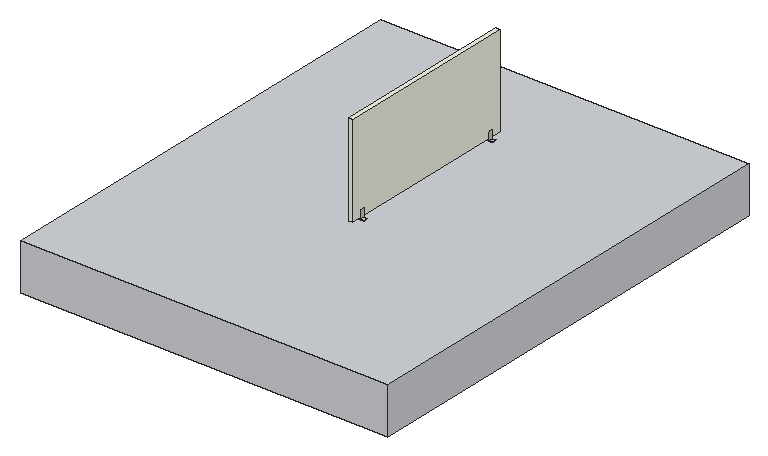
Revit family
Parameters (values of type "48" Urinal Screen")
  Wall Gap = 0' - 0 1/2"
  URL = "www.bobrick.com"
  Type Comments = "ClassicSeries Partitions and Screens with Laminated Plastic Surfaces and Edges"
  Product Page URL = ""
  Partition Material = Laminated Plastic - Bobrick - Designer White
  Panel Thickness = 0' - 1"
  Panel Height = 4' - 0"
  Panel Depth = 2' - 0"
  Model = "1540 Series"
  Manufacturer = "Bobrick Washroom Equipment, Inc."
  Description = "Wall Hung Urinal Screen"
  Default Elevation = 1' - 0"
  Bracket Spacing = 3' - 6"
  Assembly Code = "C1030210"
Types (3): name | Panel Height | Default Elevation | Bracket Spacing
  (no name) | 4' - 0" | 1' - 0" | 3' - 6"
  42" Urinal Screen | 3' - 6" | 1' - 6" | 3' - 0"
  48" Urinal Screen | 4' - 0" | 1' - 0" | 3' - 6"
Reference planes (in)
  plane 1 "Center (Front/Back)": y = 0
  plane 2: z = 0
  plane 3 "Center (Left/Right)": x = 0
  plane 4: y = 48
  plane 5: x = -0.5
  plane 6: x = 0.5
  plane 7: z = 24.5
  plane 8: z = 0.5
  plane 9: y = 3
  plane 10: y = 45
Forms (in)
  Extrusion 1, solid
    sketch origin (0, 0, 0) x (1, 0, 0) y (0, 1, 0)
      loop
        line (-48, 70) -> (-48, -48) -> (48, -48) -> (48, 70) -> (-48, 70)
    from 0 to -12
  Extrusion 2, solid, material "Laminated Plastic - Bobrick - Designer White" <- "Partition Material"
    sketch origin (0, 0, 0) x (1, 0, 0) y (0, 1, 0)
      loop
        line (0.5, 0) -> (0.5, 48) -> (-0.5, 48) -> (-0.5, 0) -> (0.5, 0)
    from 0.5 to 24.5
Lines and regions (in)
  Masking region 1
    outline origin (0, 0, 0) x (0, 1, 0) y (0, 0, 1)
      loop
        line (48, 0.5) -> (48, 24.5) -> (-14.37084, 24.5) -> (-14.37084, 0.5) -> (2.5, 0.5) -> (2.5, 0) -> (3.5, 0) -> (3.5, 0.5) -> (44.5, 0.5) -> (44.5, 0) -> (45.5, 0) -> (45.5, 0.5) -> (48, 0.5)
  Masking region 2
    outline origin (0, 0, 0) x (1, 0, 0) y (0, 0, 1)
      loop
        line (0.5, 2.25) -> (0.5, 24.5) -> (-0.5, 24.5) -> (-0.5, 2.25) -> (-0.625, 2.25) -> (-0.625, 0.125) -> (-1.5, 0.125) -> (-1.5, 0) -> (1.5, 0) -> (1.5, 0.125) -> (0.625, 0.125) -> (0.625, 2.25) -> (0.5, 2.25)
  Masking region 3
    outline origin (0, 0, 0) x (1, 0, 0) y (0, 1, 0)
      loop
        line (0.5, 48) -> (-0.5, 48) -> (-0.5, 45.5) -> (-1.5, 45.5) -> (-1.5, 44.5) -> (-0.5, 44.5) -> (-0.5, 3.5) -> (-1.5, 3.5) -> (-1.5, 2.5) -> (-0.5, 2.5) -> (-0.5, -14.37084) -> (0.5, -14.37084) -> (0.5, 2.5) -> (1.5, 2.5) -> (1.5, 3.5) -> (0.5, 3.5) -> (0.5, 44.5) -> (1.5, 44.5) -> (1.5, 45.5) -> (0.5, 45.5) -> (0.5, 48)
  symbolic lines, style "Urinal Screens"
    curve 1: line (0, 3.5, 0.5) -> (0, 3.5, 2.25)
    curve 2: line (0, 3.5, 2.25) -> (0, 2.5, 2.25)
    curve 3: line (0, 2.5, 2.25) -> (0, 2.5, 0.5)
    curve 4: line (0, 3.5, 0.125) -> (0, 2.5, 0.125)
    curve 5: line (0, 45.5, 0.5) -> (0, 45.5, 2.25)
    curve 6: line (0, 45.5, 2.25) -> (0, 44.5, 2.25)
    curve 7: line (0, 44.5, 2.25) -> (0, 44.5, 0.5)
    curve 8: line (0, 45.5, 0.125) -> (0, 44.5, 0.125)
    curve 9: line (0.5, 0, 2.25) -> (0.5, 0, 0.125)
    curve 10: line (0.5, 0, 0.125) -> (-0.5, 0, 0.125)
    curve 11: line (-0.5, 0, 0.125) -> (-0.5, 0, 2.25)
    curve 12: line (0.5, 0, 0.5) -> (-0.5, 0, 0.5)
    curve 13: line (0.625, 3.5, 0) -> (0.625, 2.5, 0)
    curve 14: line (-0.625, 3.5, 0) -> (-0.625, 2.5, 0)
    curve 15: line (-0.5, 3.5, 0) -> (-0.5, 2.5, 0)
    curve 16: line (0.5, 3.5, 0) -> (0.5, 2.5, 0)
    curve 17: line (-0.5, 45.5, 0) -> (-0.5, 44.5, 0)
    curve 18: line (-0.625, 45.5, 0) -> (-0.625, 44.5, 0)
    curve 19: line (0.5, 45.5, 0) -> (0.5, 44.5, 0)
    curve 20: line (0.625, 45.5, 0) -> (0.625, 44.5, 0)
Dimensions and locks (in)
  equal spacing: plane 5, plane 3 "Center (Left/Right)", plane 6
  "Panel Thickness": plane 5 to plane 6
  "Panel Height": plane 1 "Center (Front/Back)" to plane 4
  "Wall Gap": plane 8 to level
  "Panel Depth": plane 7 to plane 8
  locked: plane 1 "Center (Front/Back)" to plane 9 at 3
  "Bracket Spacing": plane 10 to plane 9
  aligned and locked: plane 2 to Extrusion 1
  aligned and locked: level to Extrusion 1
  aligned and locked: Extrusion 2 sketch curve to plane 1 "Center (Front/Back)"
  aligned and locked: plane 6 to Extrusion 2 sketch curve
  aligned and locked: Extrusion 2 sketch curve to plane 4
  aligned and locked: plane 5 to Extrusion 2 sketch curve
  aligned and locked: plane 7 to Extrusion 2
  aligned and locked: Extrusion 2 to plane 8
  aligned and locked: nested 1 to level
  aligned and locked: plane 3 "Center (Left/Right)" to nested 1
  aligned and locked: nested 1 to plane 9
  aligned and locked: nested 2 to level
  aligned and locked: nested 2 to plane 10
  aligned and locked: nested 1 to Masking region 1 sketch curve
  aligned and locked: Masking region 1 sketch curve to nested 1  (x2)
  aligned and locked: Masking region 1 sketch curve to nested 2  (x2)
  aligned and locked: nested 2 to Masking region 1 sketch curve
  aligned and locked: Extrusion 1 to Masking region 2 sketch curve
  aligned and locked: Masking region 2 sketch curve to nested 2  (x7)
  aligned and locked: Masking region 3 sketch curve to nested 1  (x4)
  aligned and locked: Masking region 3 sketch curve to nested 2  (x4)
Automatic sketch dimensions
  Extrusion 1 sketch curve to Extrusion 1 sketch curve = 8' - 0"
  Extrusion 1 sketch curve to Extrusion 1 sketch curve = 9' - 10"
  curve 3 to plane 8 = 0' - 0"
  curve 1 to plane 8 = 0' - 0"
  curve 7 to plane 8 = 0' - 0"
  curve 5 to plane 8 = 0' - 0"
  curve 3 to plane 9 = 0' - 0 1/2"
  level to curve 4 = 0' - 0 1/8"
  curve 4 to curve 3 = 0' - 0"
  plane 9 to curve 2 = 0' - 0 1/2"
  curve 4 to curve 1 = 0' - 0"
  level to curve 8 = 0' - 0 1/8"
  curve 8 to plane 10 = 0' - 0 1/2"
  curve 7 to curve 8 = 0' - 0"
  plane 10 to curve 5 = 0' - 0 1/2"
  curve 8 to curve 5 = 0' - 0"
  plane 8 to curve 2 = 0' - 1 3/4"
  plane 8 to curve 5 = 0' - 1 3/4"
  Masking region 1 sketch curve to plane 8 = 0' - 0"  (x3)
  level to Masking region 2 sketch curve = 0' - 0 1/8"
  curve 11 to plane 5 = 0' - 0"
  plane 6 to curve 12 = 0' - 0"
  curve 12 to plane 8 = 0' - 0"
  level to curve 11 = 0' - 0 1/8"
  plane 8 to curve 11 = 0' - 1 3/4"
  curve 9 to curve 11 = 0' - 0"
  plane 10 to Masking region 3 sketch curve = 0' - 0 1/2"
  Masking region 3 sketch curve to plane 5 = 0' - 0"  (x3)
  Masking region 3 sketch curve to plane 6 = 0' - 0"  (x3)
  Masking region 3 sketch curve to plane 10 = 0' - 0 1/2"
  plane 9 to Masking region 3 sketch curve = 0' - 0 1/2"
  Masking region 3 sketch curve to plane 9 = 0' - 0 1/2"
  curve 15 to plane 5 = 0' - 0"
  curve 17 to plane 5 = 0' - 0"
  curve 19 to plane 6 = 0' - 0"
  curve 16 to plane 6 = 0' - 0"
  curve 18 to curve 17 = 0' - 0 1/8"
  curve 14 to plane 5 = 0' - 0 1/8"
  curve 13 to plane 6 = 0' - 0 1/8"
  curve 20 to plane 6 = 0' - 0 1/8"
  curve 13 to plane 9 = 0' - 0 1/2"
  curve 15 to plane 9 = 0' - 0 1/2"
  curve 14 to curve 15 = 0' - 0"  (x2)
  curve 16 to curve 13 = 0' - 0"  (x2)
  plane 9 to curve 15 = 0' - 0 1/2"
  plane 9 to curve 16 = 0' - 0 1/2"
  curve 20 to plane 10 = 0' - 0 1/2"
  curve 17 to plane 10 = 0' - 0 1/2"
  curve 19 to curve 20 = 0' - 0"  (x2)
  curve 18 to curve 17 = 0' - 0"  (x2)
  plane 10 to curve 18 = 0' - 0 1/2"
  plane 10 to curve 20 = 0' - 0 1/2"
  Masking region 1 sketch curve to plane 7 = 0' - 0"
  Masking region 1 sketch curve to plane 4 = 0' - 0"
  plane 1 "Center (Front/Back)" to Masking region 1 sketch curve = 1' - 2.37084"
  Masking region 2 sketch curve to plane 5 = 0' - 0"
  plane 6 to Masking region 2 sketch curve = 0' - 0"
  Masking region 2 sketch curve to plane 7 = 0' - 0"
  Masking region 3 sketch curve to plane 4 = 0' - 0"
  plane 1 "Center (Front/Back)" to Masking region 3 sketch curve = 1' - 2.37084"
Nested families (in)
  nested 1: "Wall_Hung_Bracket-Bobrick" at (0, 2.5, 0), type "1 Inch Panel"
  nested 2: "Wall_Hung_Bracket-Bobrick" at (0, 44.5, 0), type "1 Inch Panel"
Definition of nested family "Wall_Hung_Bracket-Bobrick"
  Parameters (values of type "1 Inch Panel")
    Panel Thickness = 0' - 1"
  Types (3): name | Panel Thickness
    (no name) | 0' - 1"
    1 Inch Panel | 0' - 1"
    3/4 Inch Panel | 0' - 0 3/4"
  Reference planes (in)
    plane 1 "Center (Front/Back)": y = 0
    plane 2: z = 0
    plane 3 "Center (Left/Right)": x = 0
    plane 4: y = 1
    plane 5: x = 1.5
    plane 6: x = -1.5
    plane 7: x = -0.5
    plane 8: x = 0.5
    plane 9: x = -0.625
    plane 10: x = 0.625
    plane 11: z = 0.125
    plane 12: z = 2.25
    plane 13: y = 0.5
  Forms (in)
    Extrusion 1, solid, material "Stainless Steel - Bobrick - Satin"
      sketch origin (0, 0, 0) x (1, 0, 0) y (0, 1, 0)
        loop
          line (-1.5, 1) -> (-1.5, 0) -> (1.5, 0) -> (1.5, 1) -> (-1.5, 1)
      from 0 to 0.125
    Extrusion 2, solid, material "Stainless Steel - Bobrick - Satin"
      sketch origin (0, 0, 0) x (1, 0, 0) y (0, 1, 0)
        loop
          line (-0.625, 1) -> (-0.625, 0) -> (-0.5, 0) -> (-0.5, 1) -> (-0.625, 1)
      from 0.125 to 2.25
    Extrusion 3, solid, material "Stainless Steel - Bobrick - Satin"
      sketch origin (0, 0, 0) x (1, 0, 0) y (0, 1, 0)
        loop
          line (0.5, 1) -> (0.5, 0) -> (0.625, 0) -> (0.625, 1) -> (0.5, 1)
      from 0.125 to 2.25
  Cuts and joins
    joined: Extrusion 1, Extrusion 2, Extrusion 3
  Dimensions and locks (in)
    equal spacing: plane 6, plane 3 "Center (Left/Right)", plane 5
    plane 6 to plane 5 = 0' - 3"
    plane 1 "Center (Front/Back)" to plane 4 = 0' - 1"
    equal spacing: plane 7, plane 3 "Center (Left/Right)", plane 8
    "Panel Thickness": plane 7 to plane 8
    locked: plane 9 to plane 7 at 0.125
    locked: plane 8 to plane 10 at 0.125
    locked: plane 11 to level at 0.125
    locked: plane 12 to level at 2.25
    plane 4 to plane 13 to plane 1 "Center (Front/Back)" = 0' - 0 1/2" locked, 0' - 0 1/2" locked
    aligned and locked: plane 2 to level
    aligned and locked: Extrusion 1 sketch curve to plane 4
    aligned and locked: Extrusion 1 sketch curve to plane 6
    aligned and locked: Extrusion 1 sketch curve to plane 1 "Center (Front/Back)"
    aligned and locked: Extrusion 1 sketch curve to plane 5
    aligned and locked: Extrusion 1 to level
    aligned and locked: plane 11 to Extrusion 1
    aligned and locked: Extrusion 2 sketch curve to plane 4
    aligned and locked: plane 9 to Extrusion 2 sketch curve
    aligned and locked: Extrusion 2 sketch curve to plane 1 "Center (Front/Back)"
    aligned and locked: Extrusion 2 sketch curve to plane 7
    aligned and locked: Extrusion 2 to plane 11
    aligned and locked: plane 12 to Extrusion 2
    aligned and locked: plane 10 to Extrusion 3 sketch curve
    aligned and locked: Extrusion 3 sketch curve to plane 8
    aligned and locked: Extrusion 3 sketch curve to plane 4
    aligned and locked: Extrusion 3 sketch curve to plane 1 "Center (Front/Back)"
    aligned and locked: plane 12 to Extrusion 3
    aligned and locked: Extrusion 3 to plane 11
